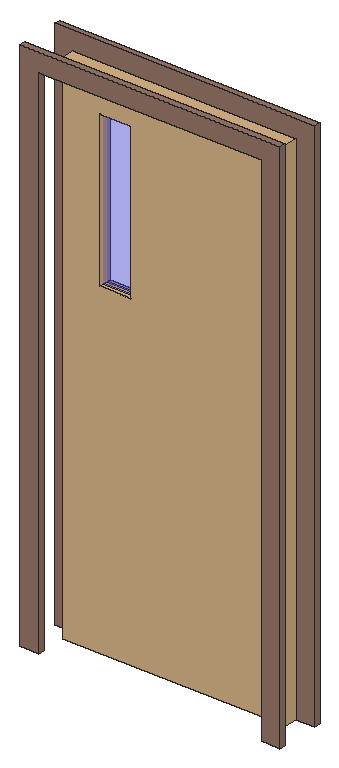
Revit family
Parameters (values of type "0915 x 2134mm")
  Thickness = 51.00 mm
  Door Material = Door - Panel
  Frame Material = Door - Frame
  Height = 2134.00 mm
  Lite Height = 635.00 mm
  Lite Width = 127.00 mm
  Side Rail = 152.00 mm
  Top Rail = 152.00 mm
  Trim Projection = 25.00 mm
  Trim Width Ext. = 76.00 mm
  Trim Width Int. = 76.00 mm
  Wall Closure = (empty or 0)
  Width = 915.00 mm
Types (7, lengths in mm): name | Height | Side Rail | Top Rail | Width
  0915 x 2134mm | 2134.00 | 152.00 | 152.00 | 915.00
  0813 x 2134mm | 2134.00 | 152.00 | 152.00 | 813.00
  0762 x 2134mm | 2134.00 | 152.00 | 152.00 | 762.00
  0762 x 2032mm | 2032.00 | 152.00 | 152.00 | 762.00
  0915 x 2032mm | 2032.00 | 154.00 | 154.00 | 915.00
  0864 x 2032mm | 2032.00 | 154.00 | 154.00 | 864.00
  0864 x 2134mm | 2134.00 | 154.00 | 154.00 | 864.00
Reference planes
  plane 1: y = 0
  plane 2: z = 0
  plane 3: x = 0
  plane 4: x = -457.5
  plane 5: x = 457.5
  plane 6: z = 2134
  plane 7: x = -305.5
  plane 8: x = -178.5
  plane 9: z = 1982
  plane 10: z = 1347
Forms (mm)
  Extrusion 1, solid, material "Door - Panel" <- "Door Material"
    sketch origin (-1524, -76.2, 0) x (1, 0, 0) y (0, 0, 1)
      loop
        line (1981.5, 2134) -> (1066.5, 2134) -> (1066.5, 0) -> (1981.5, 0) -> (1981.5, 2134)
      loop
        line (1345.5, 1982) -> (1218.5, 1982) -> (1218.5, 1347) -> (1345.5, 1347) -> (1345.5, 1982)
    from -152.4 to -101.4
  Extrusion 2, solid, material "Glass"
    sketch origin (-1524, 25.2, 0) x (1, 0, 0) y (0, 0, 1)
      loop
        line (1345.5, 1982) -> (1218.5, 1982) -> (1218.5, 1347) -> (1345.5, 1347) -> (1345.5, 1982)
    from -38.3 to -31.95
  Extrusion 3, solid, material "Glass"
    sketch origin (-1524, 25.2, 0) x (1, 0, 0) y (0, 0, 1)
      loop
        line (1218.5, 1982) -> (1218.5, 1347) -> (1345.5, 1347) -> (1345.5, 1982) -> (1218.5, 1982)
    from -19.25 to -12.9
  Extrusion 4, solid, material "Door - Frame" <- "Frame Material"
    sketch origin (-1524, -76.2, 0) x (1, 0, 0) y (0, 0, 1)
      loop
        line (1066.5, 2134) -> (1981.5, 2134) -> (1981.5, 0) -> (2057.5, 0) -> (2057.5, 2210) -> (990.5, 2210) -> (990.5, 0) -> (1066.5, 0) -> (1066.5, 2134)
    from 0 to 25
  Extrusion 5, solid, material "Door - Frame" <- "Frame Material"
    sketch origin (-1524, 76.2, 0) x (-1, 0, 0) y (0, 0, 1)
      loop
        line (-2057.5, 2210) -> (-2057.5, 0) -> (-1981.5, 0) -> (-1981.5, 2134) -> (-1066.5, 2134) -> (-1066.5, 0) -> (-990.5, 0) -> (-990.5, 2210) -> (-2057.5, 2210)
    from 0.4 to 25.4
Lines and regions (mm)
  Opening 1
    outline origin (-1524, -76.2, 3657.6) x (0, 0, -1) y (1, 0, 0)
      loop
        line (1523.6, 1066.5) -> (3657.6, 1066.5) -> (3657.6, 1981.5) -> (1523.6, 1981.5) -> (1523.6, 1066.5)
  symbolic lines, style "Plan Swing"
    curve 1: arc (457.5, 991.2, 0) -> (-189.503, 723.203, 0) -> (-457.5, 76.2, 0) r 915
  symbolic lines, style "DoorsPanelProjection"
    curve 2: line (457.5, 76.2, 0) -> (406.5, 76.2, 0)
    curve 3: line (457.5, 76.2, 0) -> (457.5, 991.2, 0)
    curve 4: line (457.5, 991.2, 0) -> (406.5, 991.2, 0)
    curve 5: line (406.5, 76.2, 0) -> (406.5, 991.2, 0)
  symbolic lines, style "Elevation Swing"
    curve 6: line (-457.5, 0, 2134) -> (457.5, 0, 1067)
    curve 7: line (-457.5, 0, 0) -> (457.5, 0, 1067)
Dimensions and locks
  equal spacing: plane 4, plane 3, plane 5
  "Width": plane 4 to plane 5
  host wall to curve 1 = 0.00 mm
  "Height": plane 6 to plane 2
  Extrusion 1 to Extrusion 2 to Extrusion 2 to Extrusion 3 to Extrusion 3 = 12.70 mm locked, 6.35 mm locked, 12.70 mm locked, 6.35 mm locked
  "Thickness": Extrusion 1 to Extrusion 1
  "Trim Projection": Extrusion 4 to Extrusion 4
  "Trim Projection": Extrusion 5 to Extrusion 5
  "Trim Width Int.": Extrusion 5 sketch curve to plane 4
  "Trim Width Int.": plane 5 to Extrusion 5 sketch curve
  "Trim Width Int.": plane 6 to Extrusion 5 sketch curve
  "Trim Width Ext.": plane 5 to Extrusion 4 sketch curve
  "Trim Width Ext.": Extrusion 4 sketch curve to plane 4
  "Trim Width Ext.": Extrusion 4 sketch curve to plane 6
  "Lite Width": plane 7 to plane 8
  "Side Rail": plane 4 to plane 7
  "Lite Height": plane 9 to plane 10
  "Top Rail": plane 6 to plane 9
  "Thickness": curve 5 to plane 5
  equal spacing: plane 6, curve 7, plane 2
  aligned and locked: plane 5 to Extrusion 1 sketch curve
  aligned and locked: Extrusion 1 sketch curve to plane 6
  aligned and locked: plane 4 to Extrusion 1 sketch curve
  aligned and locked: plane 8 to Extrusion 1 sketch curve
  aligned and locked: Extrusion 1 sketch curve to plane 9
  aligned and locked: plane 10 to Extrusion 1 sketch curve
  aligned and locked: plane 7 to Extrusion 1 sketch curve
  aligned and locked: Extrusion 2 sketch curve to Extrusion 1  (x4)
  aligned and locked: plane 7 to Extrusion 3 sketch curve
  aligned and locked: plane 9 to Extrusion 3 sketch curve
  aligned and locked: Extrusion 3 sketch curve to Extrusion 1  (x2)
  aligned and locked: host wall to Extrusion 1
  aligned and locked: Extrusion 4 to host wall
Automatic sketch dimensions
  Opening 1 sketch curve to plane 6 = 0.00 mm
  Opening 1 sketch curve to level = 0.00 mm
  Opening 1 sketch curve to plane 4 = 0.00 mm
  Opening 1 sketch curve to plane 5 = 0.00 mm
  curve 1 to plane 4 = 0.00 mm
  curve 3 to plane 5 = 0.00 mm
  curve 3 to curve 1 = 0.00 mm
  Extrusion 4 sketch curve to level = 0.00 mm  (x2)
  Extrusion 4 sketch curve to plane 4 = 0.00 mm
  Extrusion 4 sketch curve to plane 5 = 0.00 mm
  Extrusion 4 sketch curve to plane 6 = 0.00 mm
  Extrusion 5 sketch curve to level = 0.00 mm  (x2)
  Extrusion 5 sketch curve to plane 5 = 0.00 mm
  Extrusion 5 sketch curve to plane 4 = 0.00 mm
  Extrusion 5 sketch curve to plane 6 = 0.00 mm
  curve 6 to plane 4 = 0.00 mm
  curve 6 to plane 6 = 0.00 mm
  curve 6 to plane 5 = 0.00 mm
  curve 7 to level = 0.00 mm
  curve 7 to plane 4 = 0.00 mm
